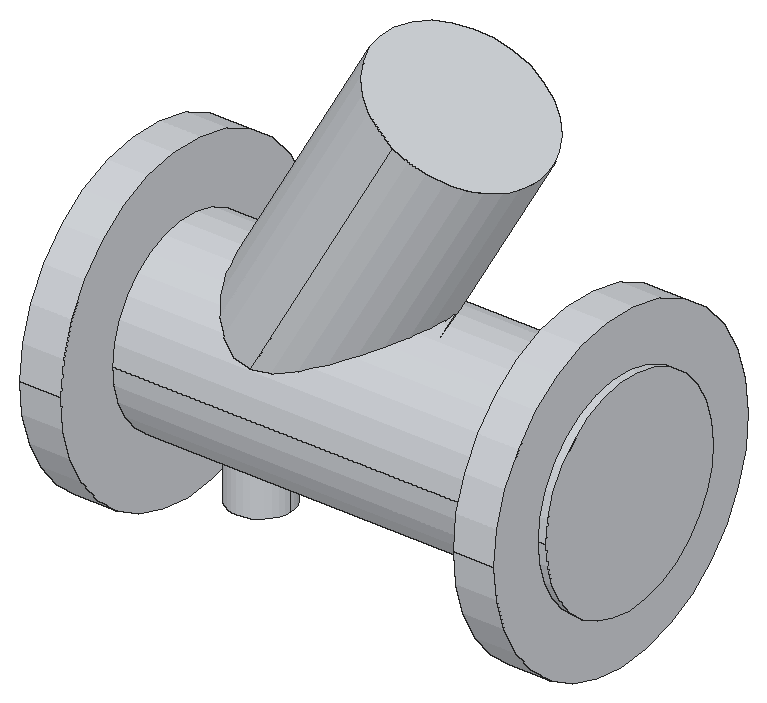
Revit family "HS 821-síto_jemné-PN16-DN080-RFA_2018", category Pipe Accessories, Revit 2018
Family settings
  Round Connector Dimension = Use Diameter
  Part Type = Breaks Into
  Work Plane-Based = No
  Always vertical = Yes
  Cut with Voids When Loaded = No
  Shared = No
Parameters (values of type "821A-DN080-PN16-síto_jemné")
  magiProductId = "a067f7c5236348ed8c820d16df7214"
  magiProductFamilyId = "79214ac3aaa945e397802f559f5c1e"
  magiPartTypeId = 307
  isMeasuringValve [instance] = no
  ang2D [instance] = 0.00°
  ZB__ve = -ZB  # -32 mm
  ZB1 = 53.46 mm
  ZB = 32 mm
  X2 = 104.753 mm
  X1 = 43.4 mm
  W2D = 15 mm
  VersionID = "2.0/2017.9.26.1/ZETKAMA_821_001"
  Use Minimum Symbol Size [instance] = yes
  URL = "www.hydronix.cz"
  Type Comments = "Filtr přírubový; síto jemné; A-PN16 (-10~300°C); D-PN25 (-10~350°C); F-PN40 (-10~400°C)"
  S = 132 mm
  QmdConnectorList = "301;D;302;D"
  Productdata [instance] = ""
  Manufacturer = "Hydronix"
  MC Product Code = "210 180 (821A; DN080; PN16; kvs137,1; oko síta 0,63mm)"
  LM1 = 24.8 mm
  LM = 248 mm
  L4 = 77.5 mm
  L2D_Min = 3048 mm
  L2D = 130 mm
  L2 = 155 mm
  HH2 = 181.438 mm
  FD = 200 mm
  Description = "Filtr přírubový; síto jemné; 821A-PN16; 821D-PN25; 821F-PN40"
  DM1 = 107.4 mm
  DM = 118.8 mm
  D = 80 mm
  CC = 5.27 mm
  CAT0 = yes
  C1 = 25.73 mm
  C = 31 mm
  BD = 37.422 mm
Types (40, lengths in mm): name | magiProductId | ZB__ve | ZB1 | ZB | X2 | X1 | S | MC Product Code | LM1 | LM | L4 | L2 | HH2 | FD | DM1 | DM | D | CC | C1 | C | BD
  821A-DN015-PN16-síto_jemné | "a71bcfe8b393460598b23e8ddf7dc5" | -16.25 | 18.63 | 16.25 | 46.982 | 18.2 | 46 | "210 115 (821A; DN015; PN16; kvs6,2; oko síta 0,63mm)" | 10.4 | 104 | 32.5 | 65 | 81.375 | 95 | 27.6 | 41.4 | 15 | 2.21 | 10.79 | 13 | 13.041
  821A-DN020-PN16-síto_jemné | "41cd6c7a12924f4991217528336076" | -17.75 | 22.68 | 17.75 | 51.673 | 21 | 56 | "210 120 (821A; DN020; PN16; kvs9,6; oko síta 0,63mm)" | 12 | 120 | 37.5 | 75 | 89.5 | 105 | 33.6 | 50.4 | 20 | 2.55 | 12.45 | 15 | 15.876
  821A-DN025-PN16-síto_jemné | "be378b463ed14c3abf4c9b3ae8cf3a" | -19.25 | 26.325 | 19.25 | 58.601 | 22.4 | 65 | "210 125 (821A; DN025; PN16; kvs14,2; oko síta 0,63mm)" | 12.8 | 128 | 40 | 80 | 101.5 | 115 | 43.2 | 58.5 | 25 | 2.72 | 13.28 | 16 | 18.427
  821A-DN032-PN16-síto_jemné | "227a0d18b21540afabe8b6067d35fa" | -23 | 30.78 | 23 | 68.849 | 25.2 | 76 | "210 132 (821A; DN032; PN16; kvs23,1; oko síta 0,63mm)" | 14.4 | 144 | 45 | 90 | 119.25 | 140 | 50.4 | 68.4 | 32 | 3.06 | 14.94 | 18 | 21.546
  821A-DN040-PN16-síto_jemné | "d106917c74724141a10440112d0102" | -24.5 | 34.02 | 24.5 | 75.777 | 28 | 84 | "210 140 (821A; DN040; PN16; kvs36,6; oko síta 0,63mm)" | 16 | 160 | 50 | 100 | 131.25 | 150 | 60 | 75.6 | 40 | 3.4 | 16.6 | 20 | 23.814
  821A-DN050-PN16-síto_jemné | "8255d456a09e4f6486734f5dd9171b" | -26.75 | 40.095 | 26.75 | 79.061 | 32.2 | 99 | "210 150 (821A; DN050 PN16; kvs53,7; oko síta 0,63mm)" | 18.4 | 184 | 57.5 | 115 | 136.938 | 165 | 73.8 | 89.1 | 50 | 3.91 | 19.09 | 23 | 28.066
  821A-DN065-PN16-síto_jemné | "235b1b3e4c0843779a4d5e3716d40a" | -29.75 | 47.79 | 29.75 | 86.927 | 40.6 | 118 | "210 165 (821A; DN065; PN16; kvs95,1; oko síta 0,63mm)" | 23.2 | 232 | 72.5 | 145 | 150.562 | 185 | 94.2 | 106.2 | 65 | 4.93 | 24.07 | 29 | 33.453
  821A-DN080-PN16-síto_jemné | "a067f7c5236348ed8c820d16df7214" | -32 | 53.46 | 32 | 104.753 | 43.4 | 132 | "210 180 (821A; DN080; PN16; kvs137,1; oko síta 0,63mm)" | 24.8 | 248 | 77.5 | 155 | 181.438 | 200 | 107.4 | 118.8 | 80 | 5.27 | 25.73 | 31 | 37.422
  821A-DN100-PN16-síto_jemné | "c49a648c2747461285837d643703cd" | -35 | 63.18 | 35 | 114.857 | 49 | 156 | "210 190 (821A; DN100; PN16; kvs206,4; oko síta 0,63mm)" | 28 | 280 | 87.5 | 175 | 198.937 | 220 | 131.4 | 140.4 | 100 | 5.95 | 29.05 | 35 | 44.226
  821A-DN125-PN16-síto_jemné | "bf68e728a163493cbd2a663b26ebdc" | -39.5 | 74.52 | 39.5 | 131.888 | 56 | 184 | "210 191 (821A; DN125; PN16; kvs268,8; oko síta 0,63mm)" | 32 | 320 | 100 | 200 | 228.438 | 250 | 165 | 165.6 | 125 | 6.8 | 33.2 | 40 | 52.164
  821A-DN150-PN16-síto_jemné | "2de770284b654863ae6bc865769dc5" | -44.75 | 85.455 | 44.75 | 155.885 | 67.2 | 211 | "210 192 (821A; DN150; PN16; kvs401,4; oko síta 0,63mm)" | 38.4 | 384 | 120 | 240 | 270 | 285 | 192 | 189.9 | 150 | 8.16 | 39.84 | 48 | 59.818
  821A-DN200-PN16-síto_jemné | "8e5693371ab64aabb29a7f08c76e15" | -53 | 107.73 | 53 | 188.361 | 84 | 266 | "210 193 (821A; DN200; PN16; kvs706,7; oko síta 0,63mm)" | 48 | 480 | 150 | 300 | 326.25 | 340 | 252 | 239.4 | 200 | 10.2 | 49.8 | 60 | 75.411
  821A-DN250-PN16-síto_jemné | "05e37ed948c34047acdd4c42556504" | -62.75 | 129.195 | 62.75 | 255.911 | 102.2 | 319 | "210 194 (821A; DN250; PN16; kvs1229,4; oko síta 0,63mm)" | 58.4 | 584 | 182.5 | 365 | 443.25 | 405 | 309.6 | 287.1 | 250 | 12.41 | 60.59 | 73 | 90.436
  821A-DN300-PN16-síto_jemné | "9ad0af747269428da925480d83ce80" | -71 | 149.85 | 71 | 325.914 | 119 | 370 | "210 195 (821A; DN300; PN16; kvs1902,4; oko síta 0,63mm)" | 68 | 680 | 212.5 | 425 | 564.5 | 460 | 369.6 | 333 | 300 | 14.45 | 70.55 | 85 | 104.895
  821A-DN350-PN16-síto_jemné | "eebc71459bb3451bb4355e7951370a" | -80 | 173.745 | 80 | 356.875 | 137.2 | 429 | "200 196 (821A; DN350; PN16; kvs2611,0; oko síta 0,63mm)" | 78.4 | 784 | 245 | 490 | 618.125 | 520 | 438 | 386.1 | 350 | 16.66 | 81.34 | 98 | 121.621
  821A-DN400-PN16-síto_jemné | "d2f677cb196647e385b2590e7d8abe" | -89 | 194.4 | 89 | 392.237 | 154 | 480 | "210 197 (821A; DN400; PN16; kvs3438,4; oko síta 0,63mm)" | 88 | 880 | 275 | 550 | 679.375 | 580 | 498 | 432 | 400 | 18.7 | 91.3 | 110 | 136.08
  821D-DN015-PN25-síto_jemné | "27ddcbf555414f8ca1fde329bf9087" | -16.25 | 18.63 | 16.25 | 46.982 | 18.2 | 46 | "210 215 (821D; DN015; PN25; kvs6,2; oko síta 0,63mm)" | 10.4 | 104 | 32.5 | 65 | 81.375 | 95 | 27.6 | 41.4 | 15 | 2.21 | 10.79 | 13 | 13.041
  821D-DN020-PN25-síto_jemné | "270e0f14012f47189cd0235c18faee" | -17.75 | 22.68 | 17.75 | 51.673 | 21 | 56 | "210 220 (821D; DN020; PN25; kvs9,6; oko síta 0,63mm)" | 12 | 120 | 37.5 | 75 | 89.5 | 105 | 33.6 | 50.4 | 20 | 2.55 | 12.45 | 15 | 15.876
  821D-DN025-PN25-síto_jemné | "b9a7fb4aa36643878c637d8e1ab992" | -19.25 | 26.325 | 19.25 | 58.601 | 22.4 | 65 | "210 225 (821D; DN025; PN25; kvs14,2; oko síta 0,63mm)" | 12.8 | 128 | 40 | 80 | 101.5 | 115 | 43.2 | 58.5 | 25 | 2.72 | 13.28 | 16 | 18.427
  821D-DN032-PN25-síto_jemné | "6be9a55c4e68400f94eec7e804204c" | -23 | 30.78 | 23 | 68.849 | 25.2 | 76 | "210 232 (821D; DN032; PN25; kvs23,1; oko síta 0,63mm)" | 14.4 | 144 | 45 | 90 | 119.25 | 140 | 50.4 | 68.4 | 32 | 3.06 | 14.94 | 18 | 21.546
  821D-DN040-PN25-síto_jemné | "c54511bd7f584ec2984291479612cb" | -24.5 | 34.02 | 24.5 | 75.777 | 28 | 84 | "210 240 (821D; DN040; PN25; kvs36,6; oko síta 0,63mm)" | 16 | 160 | 50 | 100 | 131.25 | 150 | 60 | 75.6 | 40 | 3.4 | 16.6 | 20 | 23.814
  821D-DN050-PN25-síto_jemné | "5483b1f596b04cd39b23a14a22c90e" | -26.75 | 40.095 | 26.75 | 79.061 | 32.2 | 99 | "210 250 (821D; DN050; PN25; kvs53,7; oko síta 0,63mm)" | 18.4 | 184 | 57.5 | 115 | 136.938 | 165 | 73.8 | 89.1 | 50 | 3.91 | 19.09 | 23 | 28.066
  821D-DN065-PN25-síto_jemné | "767b0f8318e94750bc7a9930ed5b30" | -29.75 | 47.79 | 29.75 | 86.927 | 40.6 | 118 | "210 265 (821D; DN065; PN25; kvs95,1; oko síta 0,63mm)" | 23.2 | 232 | 72.5 | 145 | 150.562 | 185 | 94.2 | 106.2 | 65 | 4.93 | 24.07 | 29 | 33.453
  821D-DN080-PN25-síto_jemné | "e21040fa3cc2404b858198f6b73709" | -32 | 53.46 | 32 | 104.753 | 43.4 | 132 | "210 280 (821D; DN080; PN25; kvs137,1; oko síta 0,63mm)" | 24.8 | 248 | 77.5 | 155 | 181.438 | 200 | 107.4 | 118.8 | 80 | 5.27 | 25.73 | 31 | 37.422
  821D-DN100-PN25-síto_jemné | "175ca87a506b40b3bc6b82f12f33cf" | -37.25 | 63.18 | 37.25 | 114.857 | 49 | 156 | "210 290 (821D; DN100; PN25; kvs206,4; oko síta 0,63mm)" | 28 | 280 | 87.5 | 175 | 198.937 | 235 | 131.4 | 140.4 | 100 | 5.95 | 29.05 | 35 | 44.226
  821D-DN125-PN25-síto_jemné | "77cc98d60da24855999a22dff726b2" | -42.5 | 74.52 | 42.5 | 131.888 | 56 | 184 | "210 291 (821D; DN125; PN25; kvs268,8; oko síta 0,63mm)" | 32 | 320 | 100 | 200 | 228.438 | 270 | 165 | 165.6 | 125 | 6.8 | 33.2 | 40 | 52.164
  821D-DN150-PN25-síto_jemné | "9cf8acfcd15547d68e83172d3abcbe" | -47 | 85.455 | 47 | 155.885 | 67.2 | 211 | "210 292 (821D; DN150; PN25; kvs401,4; oko síta 0,63mm)" | 38.4 | 384 | 120 | 240 | 270 | 300 | 192 | 189.9 | 150 | 8.16 | 39.84 | 48 | 59.818
  821D-DN200-PN25-síto_jemné | "16973f3c9ea14389ba8602495a6b64" | -56 | 110.97 | 56 | 188.361 | 84 | 274 | "210 293 (821D; DN200; PN25; kvs706,7; oko síta 0,63mm)" | 48 | 480 | 150 | 300 | 326.25 | 360 | 252 | 246.6 | 200 | 10.2 | 49.8 | 60 | 77.679
  821F-DN015-PN40-síto_jemné | "4c7eaf3c4c0340888b3e684d8a8616" | -16.25 | 18.225 | 16.25 | 46.982 | 18.2 | 45 | "250 615 (821F; DN015; PN40; kvs6,2; oko síta 0,63mm)" | 10.4 | 104 | 32.5 | 65 | 81.375 | 95 | 27.6 | 40.5 | 15 | 2.21 | 10.79 | 13 | 12.757
  821F-DN020-PN40-síto_jemné | "aaac5f1ec96b44d6ba96ac2293d66d" | -17.75 | 23.49 | 17.75 | 51.673 | 21 | 58 | "250 620 (821F; DN020; PN40; kvs9,6; oko síta 0,63mm)" | 12 | 120 | 37.5 | 75 | 89.5 | 105 | 33.6 | 52.2 | 20 | 2.55 | 12.45 | 15 | 16.443
  821F-DN025-PN40-síto_jemné | "504768023968471481789485b54c7e" | -19.25 | 27.54 | 19.25 | 58.601 | 22.4 | 68 | "250 625 (821F; DN025; PN40; kvs14,2; oko síta 0,63mm)" | 12.8 | 128 | 40 | 80 | 101.5 | 115 | 43.2 | 61.2 | 25 | 2.72 | 13.28 | 16 | 19.278
  821F-DN032-PN40-síto_jemné | "165e7f39cf744f329bdf1c400dad12" | -23 | 31.59 | 23 | 68.849 | 25.2 | 78 | "250 632 (821F; DN032; PN40; kvs23,1; oko síta 0,63mm)" | 14.4 | 144 | 45 | 90 | 119.25 | 140 | 50.4 | 70.2 | 32 | 3.06 | 14.94 | 18 | 22.113
  821F-DN040-PN40-síto_jemné | "b8903f952089408fbf3a5a632bab1f" | -24.5 | 35.64 | 24.5 | 75.777 | 28 | 88 | "250 640 (821F; DN040; PN40; kvs36,6; oko síta 0,63mm)" | 16 | 160 | 50 | 100 | 131.25 | 150 | 60 | 79.2 | 40 | 3.4 | 16.6 | 20 | 24.948
  821F-DN050-PN40-síto_jemné | "c451f97266fe48da8f879cb6a2bd44" | -26.75 | 41.31 | 26.75 | 79.061 | 32.2 | 102 | "250 650 (821F; DN050; PN40; kvs53,7; oko síta 0,63mm)" | 18.4 | 184 | 57.5 | 115 | 136.938 | 165 | 73.8 | 91.8 | 50 | 3.91 | 19.09 | 23 | 28.917
  821F-DN065-PN40-síto_jemné | "dc9821e3f9b34e128f6a8c6b34c198" | -29.75 | 49.41 | 29.75 | 86.927 | 40.6 | 122 | "250 665 (821F; DN065; PN40; kvs95,1; oko síta 0,63mm)" | 23.2 | 232 | 72.5 | 145 | 150.562 | 185 | 94.2 | 109.8 | 65 | 4.93 | 24.07 | 29 | 34.587
  821F-DN080-PN40-síto_jemné | "689aa1e260f84cf4994f027a1d86b5" | -32 | 55.89 | 32 | 104.753 | 43.4 | 138 | "250 680 (821F; DN080; PN40; kvs137,1; oko síta 0,63mm)" | 24.8 | 248 | 77.5 | 155 | 181.438 | 200 | 107.4 | 124.2 | 80 | 5.27 | 25.73 | 31 | 39.123
  821F-DN100-PN40-síto_jemné | "8a45d4e8e2ab425f8c432f21d684f3" | -37.25 | 65.61 | 37.25 | 114.857 | 49 | 162 | "250 690 (821F; DN100; PN40; kvs206,4; oko síta 0,63mm)" | 28 | 280 | 87.5 | 175 | 198.937 | 235 | 131.4 | 145.8 | 100 | 5.95 | 29.05 | 35 | 45.927
  821F-DN125-PN40-síto_jemné | "cf073904c006406b8645afa67ea2fc" | -42.5 | 76.14 | 42.5 | 131.888 | 56 | 188 | "250 691 (821F; DN125; PN40; kvs268,8; oko síta 0,63mm)" | 32 | 320 | 100 | 200 | 228.438 | 270 | 165 | 169.2 | 125 | 6.8 | 33.2 | 40 | 53.298
  821F-DN150-PN40-síto_jemné | "0153b9ddabe14992a630484929fdbc" | -47 | 88.29 | 47 | 155.885 | 67.2 | 218 | "250 692 (821F; DN150; PN40; kvs401,4; oko síta 0,63mm)" | 38.4 | 384 | 120 | 240 | 270 | 300 | 192 | 196.2 | 150 | 8.16 | 39.84 | 48 | 61.803
  821F-DN200-PN40-síto_jemné | "7fb3fc01dd8d42428c203e3f8dd4d5" | -56 | 115.425 | 56 | 188.361 | 84 | 285 | "250 693 (821F; DN200; PN40; kvs706,7; oko síta 0,63mm)" | 48 | 480 | 150 | 300 | 326.25 | 360 | 252 | 256.5 | 200 | 10.2 | 49.8 | 60 | 80.797
Reference planes
  plane 1 "Center (Front/Back)": y = 0
  plane 2 "XYPLANE": z = 0
  plane 3 "Center (Left/Right)": x = 0
  plane 4 "109": x = -99.2
  plane 5 "108": x = 124
  plane 6 "107": x = -124
  plane 7 "105": x = 155
  plane 8 "104": x = -155
  plane 9 "103": y = 0
  plane 10 "102": z = 0
  plane 11 "101": x = -149.73
  plane 12 "100": x = 149.73
  plane 13 "11": x = -55.8
  plane 14 "10": z = 181.438
  plane 15 "9": x = 48.953
  plane 16 "5": z = -53.46
  plane 17 "4": x = -77.5
  plane 18 "1": x = 77.5
Forms (mm)
  Extrusion 1, solid, visible <- "CAT0"
    sketch origin (-124, -750, 0) x (0, 1, 0) y (0, 0, 1)
      loop
        circle (750, 0) r 59.4
    from 0 to 248 <- "LM"
  Extrusion 2, solid
    sketch origin (-155, -750, 0) x (0, 1, 0) y (0, 0, 1)
      loop
        circle (750, 0) r 66
    from 0 to 5.27 <- "CC"
  Extrusion 3, solid
    sketch origin (-149.73, -750, 0) x (0, 1, 0) y (0, 0, 1)
      loop
        circle (750, 0) r 100
    from 0 to 25.73 <- "C1"
  Extrusion 4, solid
    sketch origin (124, -750, 0) x (0, 1, 0) y (0, 0, 1)
      loop
        circle (750, 0) r 100
    from 0 to 25.73 <- "C1"
  Extrusion 5, solid
    sketch origin (149.73, -750, 0) x (0, 1, 0) y (0, 0, 1)
      loop
        circle (750, 0) r 66
    from 0 to 5.27 <- "CC"
  Sweep 6, solid, visible <- "CAT0"
    path origin (750, 0, 0) x (-1, 0, 0) y (0, 0, 1)
      loop
        line (874, 0) -> (805.8, 0) -> (701.047, 181.438)
    profile origin (-124, 0, 0) x (0, 0, -1) y (0, 1, 0)
      loop
        circle (0, 0) r 53.7
  Extrusion 7, solid, visible <- "CAT0"
    sketch origin (-750, 0, -53.46) x (1, 0, 0) y (0, 1, 0)
      loop
        circle (672.5, 0) r 18.711
    from 0 to -32 <- "ZB__ve"
  Extrusion 8, solid, visible <- "CAT0"
    sketch origin (-750, 0, -53.46) x (1, 0, 0) y (0, 1, 0)
      loop
        circle (827.5, 0) r 18.711
    from 0 to -32 <- "ZB__ve"
  Extrusion 9, solid, not visible
    sketch origin (155, -750, 0) x (0, 1, 0) y (0, 0, 1)
      loop
        circle (750, 0) r 10
    from 0 to -10
  Extrusion 10, solid, not visible
    sketch origin (-155, -750, 0) x (0, 1, 0) y (0, 0, 1)
      loop
        circle (750, 0) r 10
    from 0 to 10
Lines and regions (mm)
  reference lines, not visible
    curve 1: circle (2, 2, 0) r 1 normal (0, 0, 1)
Dimensions and locks
  plane 1 "Center (Front/Back)" to curve 1 = 2 mm
  "LM1": plane 6 "107" to plane 4 "109"
  "LM": plane 6 "107" to plane 5 "108"
  "C": plane 8 "104" to plane 6 "107"
  "L2": plane 3 "Center (Left/Right)" to plane 7 "105"
  "L2": plane 3 "Center (Left/Right)" to plane 8 "104"
  locked: plane 1 "Center (Front/Back)" to plane 9 "103"
  locked: plane 2 "XYPLANE" to plane 10 "102"
  "CC": plane 8 "104" to plane 11 "101"
  "C1": plane 5 "108" to plane 12 "100"
  "X1": plane 4 "109" to plane 13 "11"
  "HH2": plane 2 "XYPLANE" to plane 14 "10"
  "X2": plane 13 "11" to plane 15 "9"
  "ZB1": plane 2 "XYPLANE" to plane 16 "5"
  "L4": plane 8 "104" to plane 17 "4"
  "L2": plane 17 "4" to plane 18 "1"
  Sweep 6 sketch curve to Sweep 6 sketch curve = 0 mm  (x2)
  "DM": diameter of Extrusion 1 sketch curve
  "S": diameter of Extrusion 2 sketch curve
  "FD": diameter of Extrusion 3 sketch curve
  "FD": diameter of Extrusion 4 sketch curve
  "S": diameter of Extrusion 5 sketch curve
  "DM1": diameter of Sweep 6 sketch curve
  "BD": diameter of Extrusion 7 sketch curve
  "BD": diameter of Extrusion 8 sketch curve
  aligned and locked: level to plane 2 "XYPLANE"
  aligned and locked: Extrusion 1 sketch curve to plane 9 "103"
  aligned and locked: plane 10 "102" to Extrusion 1 sketch curve
  aligned and locked: Extrusion 2 sketch curve to plane 9 "103"
  aligned and locked: plane 10 "102" to Extrusion 2 sketch curve
  aligned and locked: Extrusion 3 sketch curve to plane 9 "103"
  aligned and locked: plane 10 "102" to Extrusion 3 sketch curve
  aligned and locked: Extrusion 4 sketch curve to plane 9 "103"
  aligned and locked: plane 10 "102" to Extrusion 4 sketch curve
  aligned and locked: Extrusion 5 sketch curve to plane 9 "103"
  aligned and locked: plane 10 "102" to Extrusion 5 sketch curve
  aligned and locked: Sweep 6 sketch curve to plane 9 "103"
  aligned and locked: plane 10 "102" to Sweep 6 sketch curve  (x3)
  aligned and locked: plane 6 "107" to Sweep 6 sketch curve
  aligned and locked: plane 13 "11" to Sweep 6 sketch curve
  aligned and locked: plane 14 "10" to Sweep 6 sketch curve
  aligned and locked: plane 15 "9" to Sweep 6 sketch curve
  aligned and locked: plane 9 "103" to Extrusion 7 sketch curve
  aligned and locked: plane 17 "4" to Extrusion 7 sketch curve
  aligned and locked: plane 9 "103" to Extrusion 8 sketch curve
  aligned and locked: plane 18 "1" to Extrusion 8 sketch curve
  aligned and locked: Extrusion 9 sketch curve to plane 9 "103"
  aligned and locked: plane 10 "102" to Extrusion 9 sketch curve
  aligned and locked: Extrusion 10 sketch curve to plane 9 "103"
  aligned and locked: plane 10 "102" to Extrusion 10 sketch curve
Automatic sketch dimensions
  plane 1 "Center (Front/Back)" to Extrusion 9 sketch curve = 10 mm
  plane 1 "Center (Front/Back)" to Extrusion 10 sketch curve = 10 mm
  plane 3 "Center (Left/Right)" to curve 1 = 2 mm
  radius of curve 1 = 1 mm
Connectors
  piping at (-155, 0, 0), diameter 80, driven by "D"
    settings: on Extrusion 10, index 1, connector inside diameter 609.6 mm, connector length 0 mm, flow factor 0, pipe flow 0.0 L/s, pressure drop 0.0 Pa, fitting loss kfactor 0, connector angle 0.00°, fixture units 0, engagement length 0 mm, angle of deflection 0.00°, flow configuration 0, flow direction 0, fitting loss method 0, system type 29, joint type 0, gender type 0, connector reference index 2, connector utility 0, adjustable connector no, is connector primary yes, connector description ""
  piping at (155, 0, 0), diameter 80, driven by "D"
    settings: on Extrusion 9, index 2, connector inside diameter 609.6 mm, connector length 0 mm, flow factor 0, pipe flow 0.0 L/s, pressure drop 0.0 Pa, fitting loss kfactor 0, connector angle 0.00°, fixture units 0, engagement length 0 mm, angle of deflection 0.00°, flow configuration 0, flow direction 0, fitting loss method 0, system type 29, joint type 0, gender type 0, connector reference index 1, connector utility 0, adjustable connector no, is connector primary no, connector description ""
